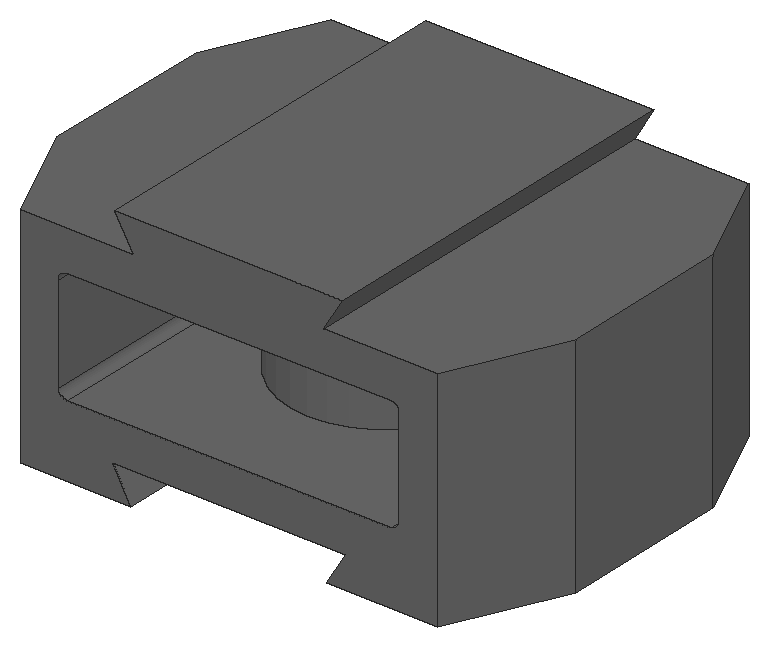
Revit family "Plumbing_Joints_Aignep_Spacer-for-Collars-90815-Made-in-Technopolymeric-90817", category Pipe Accessories, Revit 2018
Family settings
  Round Connector Dimension = Use Diameter
  Part Type = Normal
  OmniClass Number = 23.27.43.00
  OmniClass Title = Pipe Fittings
  Work Plane-Based = Yes
  Always vertical = No
  Cut with Voids When Loaded = No
  Shared = No
Parameters (values of type "90817")
  Product Material = AIGNEP - Plastic - Black
  Nominal Diameter [instance] = 50.000 mm
  QR code = "https://www.bimobject.com/aignep/product/spacer-for-collars-90815-made-in-technopolymeric-90817"
  Product url = "https://www.aignep.com/eng/Pipe-fittings-INFINITY/Air-Pipeline-INFINITY-Series/SPACER-FOR-COLLARS-90815-MADE-IN-TECHNOPOLYMERIC"
  Product name = "Spacer For Collars 90815 Made In Technopolymeric - 90817"
  Product group = "Fittings"
  Product family = "INFINITY"
  Product certification = "https://www.aignep.com/eng/Certificazioni/FREE-OF-SILICON"
  Product SKU = "Spacer-For-Collars-90815-Made-In-Technopolymeric-90817"
  OmniClass Description = "Pipe Fittings"
  OmniClass Code = "23-27 43 00"
  Material main = "Plastic"
  Manufacturer name = "Aignep Spa"
  Manufacturer country = "Italy"
  IFC Classification = "Pipe Fitting"
  Design country = "Italy"
  Description = "Collars made in steel"  # constant formula
  URL = "https://www.aignep.com/"
  Product data url = "https://www.bimobject.com/aignep/product/spacer-for-collars-90815-made-in-technopolymeric-90817"
  Product Guid = "b820c77e-9d7a-435b-9f33-852ffc7c4bc7"
  Model = "90817"  # constant formula
  Manufacturer = "Aignep Spa"  # constant formula
  Keynote = "15410"
  Edition number = 1
  Default Elevation = 1219.200 mm
  BIMobject category = "Joints"
  Assembly Code = "D2040100"
  Article Code [instance] = "90817 00 001"  # constant formula
Reference planes
  plane 1 "Center (Front/Back)": y = 0
  plane 2: z = 0
  plane 3 "Center (Left/Right)": x = 0
  plane 4 "1": z = 14
Forms (mm)
  Extrusion 1, solid, material "AIGNEP - Plastic - Black" <- "Product Material", detail levels fine
    sketch origin (0, 0, 0) x (1, 0, 0) y (0, 1, 0)
      loop
        line (15.952, 5.444) -> (12.895, 12) -> (-12.895, 12) -> (-15.952, 5.444) -> (-16.046, -5.244) -> (-12.895, -12) -> (12.895, -12) -> (16.046, -5.244) -> (15.952, 5.444)
    from 0 to 14
  Extrusion 2, solid, material "AIGNEP - Plastic - Black" <- "Product Material", detail levels fine
    sketch origin (0, 0, 0) x (1, 0, 0) y (0, 0, 1)
      loop
        line (5.875, 14) -> (7.03, 16) -> (-7.03, 16) -> (-5.875, 14) -> (5.875, 14)
    from -12 to 12
  Extrusion 3, void
    sketch origin (0, 0, 0) x (1, 0, 0) y (0, 0, 1)
      loop
        line (-7.205, 2) -> (-6.05, 0) -> (6.05, 0) -> (7.205, 2) -> (-7.205, 2)
      loop
        arc (-10.526, 5.006) -> (-10.37, 4.63) -> (-9.994, 4.474) r 0.532
        line (-9.994, 4.474) -> (10.024, 4.474)
        arc (10.024, 4.474) -> (10.379, 4.621) -> (10.526, 4.976) r 0.502
        line (10.526, 4.976) -> (10.526, 11.007)
        arc (10.526, 11.007) -> (10.374, 11.374) -> (10.007, 11.526) r 0.519
        line (10.007, 11.526) -> (-10.001, 11.526)
        arc (-10.001, 11.526) -> (-10.372, 11.372) -> (-10.526, 11.001) r 0.525
        line (-10.526, 11.001) -> (-10.526, 5.006)
    from -13.967 to -1
  Extrusion 4, void
    sketch origin (0, 0, 0) x (1, 0, 0) y (0, 0, -1)
      loop
        line (-7.205, -2) -> (7.205, -2) -> (6.05, 0) -> (-6.05, 0) -> (-7.205, -2)
      loop
        line (-10.526, -5.006) -> (-10.526, -11.001)
        arc (-10.526, -11.001) -> (-10.372, -11.372) -> (-10.001, -11.526) r 0.525
        line (-10.001, -11.526) -> (10.007, -11.526)
        arc (10.007, -11.526) -> (10.374, -11.374) -> (10.526, -11.007) r 0.519
        line (10.526, -11.007) -> (10.526, -4.976)
        arc (10.526, -4.976) -> (10.379, -4.621) -> (10.024, -4.474) r 0.502
        line (10.024, -4.474) -> (-9.994, -4.474)
        arc (-9.994, -4.474) -> (-10.37, -4.63) -> (-10.526, -5.006) r 0.532
    from -13.967 to -1
  Extrusion 5, solid, material "AIGNEP - Plastic - Black" <- "Product Material", detail levels fine
    sketch origin (0, 0, 0) x (1, 0, 0) y (0, 1, 0)
      loop
        circle (0, 0) r 5.927
    from 3.799 to 12.201
Cuts and joins
  Extrusion 3, Extrusion 4 cuts Extrusion 1
  Extrusion 4 cuts Extrusion 2
  joined: Extrusion 1, Extrusion 2
Lines and regions (mm)
  model lines, detail levels coarse+medium
    curve 1: line (-12.895, 12, 14) -> (-15.952, 5.444, 14)
    curve 2: line (-15.952, 5.444, 14) -> (-16.046, -5.244, 14)
    curve 3: line (-16.046, -5.244, 14) -> (-12.895, -12, 14)
    curve 4: line (-12.895, -12, 14) -> (12.895, -12, 14)
    curve 5: line (12.895, -12, 14) -> (16.046, -5.244, 14)
    curve 6: line (16.046, -5.244, 14) -> (15.952, 5.444, 14)
    curve 7: line (15.952, 5.444, 14) -> (12.895, 12, 14)
    curve 8: line (12.895, 12, 14) -> (-12.895, 12, 14)
Dimensions and locks
  locked: plane 4 "1" to plane 2 at 14
  aligned and locked: level to plane 2
